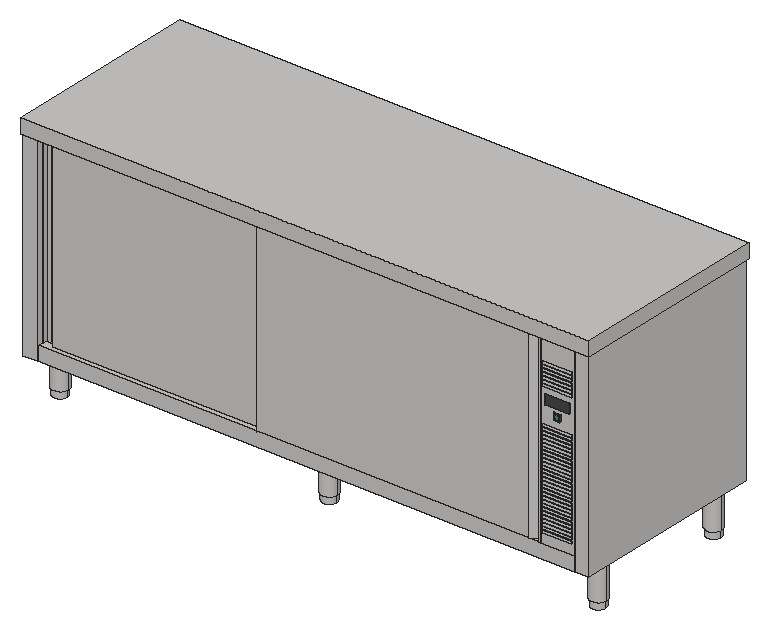
Revit family "QF_ZANUSSI_132875_MSR2007N", category Attrezzature speciali, Revit 2020
Family settings
  Quota connettore circolare = Usa diametro
  Tipo di parte = Normale
  Basato su piano di lavoro = No
  Sempre verticale = Sì
  Taglio con vuoti quando caricato = No
  Condiviso = No
  Punto di calcolo locali = No
Parameters (values of type "Standard")
  Weight = 75.00 kg
  Watts = 2400 W
  Volts = 220 V
  URL Manufacturer = "http://www.zanussiprofessional.com"
  URL = "http://www.zanussiprofessional.com"
  Steam Supply Size = 0 mm
  Steam Supply Minimum Pressure = 0.0 Pa
  Steam Supply Maximum Pressure = 0.0 Pa
  Steam Consumption per Hour = 0
  Refrigeration Suction Line Size = 0.0 mm
  Refrigeration Liquid Line Size = 0.0 mm
  Refrigerant Compressor Remote = yes
  Prospetto di default = 0.0 mm
  Produttore = "Zanussi"
  Phase = 1
  Modello = "MSR2007N"
  Length Actual = 2000.0 mm  # constant formula
  Item Number = "132875"
  Hot Water Size = 0 mm
  Height Actual = 900.0 mm  # constant formula
  HP = "3.2 HP"
  Gas Size = 0 mm
  Gas KW = 0
  Gas Input Pressure = 0 W
  Direct Waste Size = 0 mm
  Descrizione = "HOT CUPBOARD 2000MM"
  Depth Actual = 700.0 mm  # constant formula
  Cycle = 50 Hz
  Condensate Return Size = 0 mm
  Compressed Air Volume = 0.0 L/s
  Compressed Air Size = 0 mm
  Compressed Air Pressure = 0.0 Pa
  Cold Water Size = 0 mm
  Accessory = yes
Reference planes
  plane 1 "Center (Front/Back)": y = 0
  plane 2: z = 0
  plane 3 "Center (Left/Right)": x = -500
  plane 4 "LEFT": x = -1500
  plane 5 "RIGHT": x = 500
  plane 6 "BACK": y = 350
  plane 7 "FRONT": y = -350
  plane 8 "Base": z = 850
  plane 9 "TOP": z = 900
  plane 10: x = -1446.5
  plane 11: x = 446.5
  plane 12: y = 264.5
  plane 13: y = -241.5
  plane 14 "BodyLeft": x = -1494.5
  plane 15 "BodyFront": y = -344.5
  plane 16 "BodyRight": x = 494.5
  plane 17 "BodyBack": y = 344.5
  plane 18 "FEET": z = 150
  plane 19: x = 324.5
  plane 20: x = -561
  plane 21: x = 444.5
  plane 22 "EIx": x = 400
  plane 23 "EIy": y = -170
Forms (mm)
  Extrusion 1, solid, material "QF_Finishes_Stainless Steel"
    sketch origin (-500, 0, 0) x (0, 1, 0) y (0, 0, 1)
      loop
        line (-350, 850) -> (350, 850) -> (350, 900) -> (-350, 900) -> (-350, 850)
    from 1000 to -1000
  Extrusion 2, solid, material "QF_Finishes_Stainless Steel"
    sketch origin (0, 0, 150) x (-1, 0, 0) y (0, -1, 0)
      loop
        line (1494.5, -344.5) -> (1494.5, 344.5) -> (1444.5, 344.5) -> (1444.5, -344.5) -> (1494.5, -344.5)
      loop
        line (-444.5, -344.5) -> (-444.5, 344.5) -> (-494.5, 344.5) -> (-494.5, -344.5) -> (-444.5, -344.5)
    from 0 to 700
  Extrusion 3, solid, material "QF_Finishes_Stainless Steel"
    sketch origin (0, 0, 150) x (-1, 0, 0) y (0, -1, 0)
      loop
        line (1444.5, -344.5) -> (1444.5, 344.5) -> (-444.5, 344.5) -> (-444.5, -344.5) -> (1444.5, -344.5)
    from 0 to 50
  Extrusion 4, solid, material "QF_Finishes_Stainless Steel"
    sketch origin (-1, 0, 150) x (-1, 0, 0) y (0, -1, 0)
      loop
        line (-325.5, 344.5) -> (-325.5, 324.5) -> (670.5, 324.5) -> (670.5, 344.5) -> (-285.5, 344.5) -> (-305.5, 329.5) -> (-320.5, 329.5) -> (-320.5, 344.5) -> (-325.5, 344.5)
    from 50 to 700
  Extrusion 5, solid, material "QF_Finishes_Stainless Steel"
    sketch origin (1, 20, 150) x (1, 0, 0) y (0, 1, 0)
      loop
        line (-1445.5, -344.5) -> (-1440.5, -344.5) -> (-1440.5, -329.5) -> (-1425.5, -329.5) -> (-1405.5, -344.5) -> (-451.5, -344.5) -> (-451.5, -324.5) -> (-1445.5, -324.5) -> (-1445.5, -344.5)
    from 50 to 700
  Extrusion 6, solid, material "QF_Finishes_Stainless Steel"
    sketch origin (0, 0, 0) x (1, 0, 0) y (0, 1, 0)
      loop
        line (-1444.5, -304.5) -> (324.5, -304.5) -> (324.5, 324.5) -> (-1444.5, 324.5) -> (-1444.5, -304.5)
    from 500 to 540
  Extrusion 7, solid, material "QF_Finishes_Stainless Steel"
    sketch origin (0, 0, 0) x (1, 0, 0) y (0, 1, 0)
      loop
        line (444.5, 344.5) -> (-1444.5, 344.5) -> (-1444.5, 324.5) -> (444.5, 324.5) -> (444.5, 344.5)
    from 200 to 850
  Extrusion 8, solid, material "QF_Finishes_Stainless Steel"
    sketch origin (0, 0, 150) x (-1, 0, 0) y (0, -1, 0)
      loop
        circle (-400, 170) r 10
    from 0 to -5
Cuts and joins
  joined: Extrusion 3, Extrusion 7
Lines and regions (mm)
  symbolic lines
    curve 1: line (500, 350, 900) -> (-1500, 350, 900)
    curve 2: line (-1500, 350, 900) -> (-1500, -350, 900)
    curve 3: line (-1500, -350, 900) -> (500, -350, 900)
    curve 4: line (500, -350, 900) -> (500, 350, 900)
  symbolic lines, style "SpecialityEquipmentHiddenLines"
    curve 5: line (-1494.5, 344.5, 150) -> (494.5, 344.5, 150)
    curve 6: line (-1494.5, -344.5, 150) -> (-1494.5, 344.5, 150)
    curve 7: line (494.5, -344.5, 150) -> (-1494.5, -344.5, 150)
    curve 8: line (494.5, 344.5, 150) -> (494.5, -344.5, 150)
    curve 9: line (-1445.5, -304.5, 150) -> (-449.5, -304.5, 150)
    curve 10: line (-449.5, -304.5, 150) -> (-449.5, -324.5, 150)
    curve 11: line (-1445.5, -324.5, 150) -> (324.5, -324.5, 150)
    curve 12: line (324.5, -324.5, 150) -> (324.5, -344.5, 150)
    curve 13: line (-1445.5, -304.5, 150) -> (-1445.5, -324.5, 150)
    curve 14: line (-671.5, -344.5, 0) -> (-671.5, -324.5, 0)
Dimensions and locks
  plane 4 "LEFT" to plane 5 "RIGHT" = 2000.0 mm
  equal spacing: plane 4 "LEFT", plane 3 "Center (Left/Right)", plane 5 "RIGHT"
  locked: plane 8 "Base" to level at 850
  plane 9 "TOP" to level = 900.0 mm
  plane 6 "BACK" to plane 7 "FRONT" = 700.0 mm
  equal spacing: plane 6 "BACK", plane 1 "Center (Front/Back)", plane 7 "FRONT"
  locked: plane 4 "LEFT" to plane 14 "BodyLeft" at 5.5
  locked: plane 16 "BodyRight" to plane 5 "RIGHT" at 5.5
  locked: plane 15 "BodyFront" to plane 7 "FRONT" at 5.5
  locked: plane 6 "BACK" to plane 17 "BodyBack" at 5.5
  locked: plane 14 "BodyLeft" to plane 10 at 48
  locked: plane 11 to plane 16 "BodyRight" at 48
  locked: plane 13 to plane 15 "BodyFront" at 103
  locked: plane 17 "BodyBack" to plane 12 at 80
  plane 10 to plane 11 = 1893.0 mm
  plane 12 to plane 13 = 506.0 mm
  locked: plane 14 "BodyLeft" to Extrusion 2 sketch curve at 50
  locked: Extrusion 2 sketch curve to Extrusion 2 sketch curve at 50
  equal spacing: plane 10, plane 20, plane 19
  locked: plane 21 to plane 16 "BodyRight" at 50
  locked: plane 19 to plane 21 at 120
  locked: Extrusion 4 sketch curve to plane 20 at 110.5
  locked: plane 20 to Extrusion 5 sketch curve at 110.5
  locked: plane 18 "FEET" to level at 150
  locked: plane 22 "EIx" to plane 5 "RIGHT" at 100
  plane 23 "EIy" to plane 7 "FRONT" = 180.0 mm
  aligned and locked: level to plane 2
  aligned and locked: plane 10 to nested 1
  aligned and locked: nested 1 to plane 13
  aligned and locked: plane 11 to nested 2
  aligned and locked: nested 2 to plane 13
  aligned and locked: plane 11 to nested 4
  aligned and locked: nested 4 to plane 12
  aligned and locked: plane 10 to nested 3
  aligned and locked: nested 3 to plane 12
  aligned and locked: Extrusion 1 to plane 4 "LEFT"
  aligned and locked: plane 5 "RIGHT" to Extrusion 1
  aligned and locked: curve 2 to plane 4 "LEFT"
  aligned and locked: plane 17 "BodyBack" to Extrusion 2 sketch curve
  aligned and locked: Extrusion 2 sketch curve to plane 15 "BodyFront"
  aligned and locked: Extrusion 2 sketch curve to plane 14 "BodyLeft"
  aligned and locked: plane 16 "BodyRight" to Extrusion 2 sketch curve
  aligned and locked: Extrusion 2 sketch curve to plane 17 "BodyBack"
  aligned and locked: plane 15 "BodyFront" to Extrusion 2 sketch curve
  aligned and locked: Extrusion 3 sketch curve to plane 17 "BodyBack"
  aligned and locked: plane 15 "BodyFront" to Extrusion 3 sketch curve
  aligned and locked: plane 8 "Base" to Extrusion 2
  aligned and locked: plane 8 "Base" to Extrusion 4
  aligned and locked: Extrusion 4 to Extrusion 3
  aligned and locked: Extrusion 1 to plane 8 "Base"
  aligned and locked: plane 9 "TOP" to Extrusion 1
  aligned and locked: curve 5 to plane 17 "BodyBack"
  aligned and locked: plane 14 "BodyLeft" to curve 6
  aligned and locked: plane 15 "BodyFront" to curve 7
  aligned and locked: plane 16 "BodyRight" to curve 8
  aligned and locked: Extrusion 3 to Extrusion 2  (x2)
  aligned and locked: Extrusion 6 sketch curve to Extrusion 2
  aligned and locked: Extrusion 6 sketch curve to Extrusion 5
  aligned and locked: nested 5 to plane 21
  aligned and locked: Extrusion 7 sketch curve to Extrusion 2
  aligned and locked: Extrusion 6 sketch curve to plane 19
  aligned and locked: plane 3 "Center (Left/Right)" to nested 6
  aligned and locked: plane 3 "Center (Left/Right)" to nested 7
Automatic sketch dimensions
  curve 14 to plane 15 "BodyFront" = 0.0 mm
  plane 15 "BodyFront" to curve 14 = 20.0 mm
  curve 14 to plane 20 = 110.5 mm
  curve 3 to plane 7 "FRONT" = 0.0 mm
  curve 4 to plane 6 "BACK" = 0.0 mm
  Extrusion 1 sketch curve to plane 7 "FRONT" = 0.0 mm
  Extrusion 1 sketch curve to plane 6 "BACK" = 0.0 mm
  Extrusion 1 sketch curve to plane 8 "Base" = 0.0 mm
  Extrusion 1 sketch curve to plane 9 "TOP" = 0.0 mm
  Extrusion 3 sketch curve to plane 21 = 0.0 mm
  plane 10 to Extrusion 3 sketch curve = 2.0 mm
  Extrusion 4 sketch curve to plane 19 = 0.0 mm
  Extrusion 4 sketch curve to plane 15 "BodyFront" = 0.0 mm  (x2)
  Extrusion 4 sketch curve to Extrusion 4 sketch curve = 5.0 mm
  Extrusion 4 sketch curve to Extrusion 4 sketch curve = 15.0 mm  (x2)
  Extrusion 4 sketch curve to Extrusion 4 sketch curve = 20.0 mm  (x2)
  Extrusion 5 sketch curve to plane 15 "BodyFront" = 20.0 mm  (x2)
  Extrusion 5 sketch curve to plane 10 = 42.0 mm
  Extrusion 5 sketch curve to plane 10 = 22.0 mm
  Extrusion 5 sketch curve to plane 10 = 7.0 mm
  Extrusion 5 sketch curve to plane 10 = 2.0 mm
  Extrusion 5 sketch curve to Extrusion 5 sketch curve = 15.0 mm
  Extrusion 5 sketch curve to Extrusion 5 sketch curve = 20.0 mm
  plane 21 to curve 12 = 120.0 mm
  curve 7 to plane 15 "BodyFront" = 0.0 mm
  plane 3 "Center (Left/Right)" to curve 9 = 50.5 mm
  plane 10 to curve 11 = 1.0 mm
  plane 15 "BodyFront" to curve 9 = 40.0 mm
  curve 11 to curve 12 = 20.0 mm
  plane 12 to Extrusion 6 sketch curve = 60.0 mm
  Extrusion 7 sketch curve to plane 17 "BodyBack" = 0.0 mm
  Extrusion 7 sketch curve to plane 21 = 0.0 mm
  Extrusion 7 sketch curve to plane 17 "BodyBack" = 20.0 mm
  curve 4 to plane 5 "RIGHT" = 0.0 mm
  Extrusion 8 sketch curve to plane 22 "EIx" = 0.0 mm
  Extrusion 8 sketch curve to plane 23 "EIy" = 0.0 mm
  radius of Extrusion 8 sketch curve = 10.0 mm
Nested families
  nested 1: "FEET_D58-150" at (-1446.5, -241.5, 0), type "FEET_D58-150"
  nested 2: "FEET_D58-150" at (446.5, -241.5, 0), type "FEET_D58-150"
  nested 3: "FEET_D58-150" at (-1446.5, 264.5, 0), type "FEET_D58-150"
  nested 4: "FEET_D58-150" at (446.5, 264.5, 0), type "FEET_D58-150"
  nested 5: "WT_PNL120x650" at (531.42, -304.5, 600) x (1, 0, 0) z (0, -1, 0), type "WT_PNL120x650"
    with Show Logo yes
  nested 6: "FEET_D58-150" at (-500, -241.5, 0), type "FEET_D58-150"
  nested 7: "FEET_D58-150" at (-500, 264.5, 0), type "FEET_D58-150"
Connectors
  electrical at (400, -170, 145)
    settings: on Extrusion 8, index 1, voltage 0 V, apparent load 0 VA, apparent load phase1 0 VA, apparent load phase2 0 VA, apparent load phase3 0 VA, power factor 1, load classification "Other", number of poles 1, system type 30, power factor state 1, is connector primary yes, connector utility no, sub classification motor no, connector description "Electrical connection"
Definition of nested family "FEET_D58-150"
  Parameters
    Default Elevation = 0.0 mm
    FEET = 150.0 mm
  Reference planes
    plane 1 "Center (Front/Back)": y = 0
    plane 2: z = 0
    plane 3 "Center (Left/Right)": x = 0
    plane 4: z = 150
  Forms (mm)
    Extrusion 1, solid
      sketch origin (0, 0, 0) x (1, 0, 0) y (0, 1, 0)
        loop
          circle (0, 0) r 25
      from 0 to 25
    Extrusion 2, solid
      sketch origin (0, 0, 0) x (1, 0, 0) y (0, 1, 0)
        loop
          circle (0.061, 0) r 29
      from 25 to 150 <- "FEET"
  Lines and regions (mm)
    symbolic lines
      curve 1: line (0, -1.503, 0) -> (0, 1.508, 0)
      curve 2: line (1.561, 0, 0) -> (-1.439, 0, 0)
  Dimensions and locks
    "FEET": plane 4 to plane 2
    aligned and locked: level to plane 2
  Automatic sketch dimensions
    plane 1 "Center (Front/Back)" to Extrusion 1 sketch curve = 0.0 mm
    Extrusion 1 sketch curve to plane 3 "Center (Left/Right)" = 0.0 mm
    plane 1 "Center (Front/Back)" to curve 2 = 0.0 mm
    curve 1 to plane 3 "Center (Left/Right)" = 0.0 mm
    curve 2 to plane 3 "Center (Left/Right)" = 1.439 mm
    plane 3 "Center (Left/Right)" to curve 2 = 1.561 mm
    plane 1 "Center (Front/Back)" to curve 1 = 1.503 mm
    curve 1 to plane 1 "Center (Front/Back)" = 1.508 mm
    plane 1 "Center (Front/Back)" to Extrusion 2 sketch curve = 0.0 mm
    plane 3 "Center (Left/Right)" to Extrusion 2 sketch curve = 0.061 mm
    radius of Extrusion 1 sketch curve = 25.0 mm
    radius of Extrusion 2 sketch curve = 29.0 mm
Definition of nested family "WT_PNL120x650"
  Parameters
    Show Logo [instance] = yes
    Default Elevation = 1219.2 mm
  Reference planes
    plane 1 "Center (Front/Back)": y = -75
    plane 2: z = 0
    plane 3 "Center (Left/Right)": x = -146.92
    plane 4: x = -206.92
    plane 5: x = -86.92
    plane 6: y = 250
    plane 7: y = -400
    plane 8 "TOP": z = 40
  Forms (mm)
    Extrusion 1, solid
      sketch origin (0, 0, 0) x (1, 0, 0) y (0, 1, 0)
        loop
          line (-1219.2, 1219.2) -> (-1219.2, -1219.2) -> (1219.2, -1219.2) -> (1219.2, 1219.2) -> (-1219.2, 1219.2)
      from 0 to -304.8
    Extrusion 2, solid
      sketch origin (0, 0, 0) x (1, 0, 0) y (0, 1, 0)
        loop
          line (-206.92, 250) -> (-206.92, -400) -> (-86.92, -400) -> (-86.92, 250) -> (-206.92, 250)
      from 0 to 40
    Extrusion 3, void
      sketch origin (0, 0, 40) x (-1, 0, 0) y (0, -1, 0)
        loop
          arc (101.92, -68.899) -> (103.795, -73.256) -> (108.247, -74.89) r 6
          line (108.247, -74.89) -> (185.92, -74.89)
          arc (185.92, -74.89) -> (190.163, -73.133) -> (191.92, -68.89) r 6
          line (191.92, -68.89) -> (191.92, -45.89)
          arc (191.92, -45.89) -> (190.163, -41.648) -> (185.92, -39.89) r 6
          line (185.92, -39.89) -> (107.92, -39.89)
          arc (107.92, -39.89) -> (103.677, -41.648) -> (101.92, -45.89) r 6
          line (101.92, -45.89) -> (101.92, -68.899)
        loop
          line (158.92, -27.89) -> (158.92, -2.89) -> (134.92, -2.89) -> (134.92, -27.89) -> (158.92, -27.89)
      from -2 to 0
    Extrusion 4, solid
      sketch origin (0, 0, 40) x (-1, 0, 0) y (0, -1, 0)
        loop
          line (185.92, -39.89) -> (107.92, -39.89)
          arc (107.92, -39.89) -> (103.677, -41.648) -> (101.92, -45.89) r 6
          line (101.92, -45.89) -> (101.92, -68.899)
          arc (101.92, -68.899) -> (103.795, -73.256) -> (108.247, -74.89) r 6
          line (108.247, -74.89) -> (185.92, -74.89)
          arc (185.92, -74.89) -> (190.163, -73.133) -> (191.92, -68.89) r 6
          line (191.92, -68.89) -> (191.92, -45.89)
          arc (191.92, -45.89) -> (190.163, -41.648) -> (185.92, -39.89) r 6
      from -2 to 1
    Extrusion 5, solid
      sketch origin (-146.92, 0, 0) x (0, 1, 0) y (0, 0, 1)
        loop
          line (95.896, 40) -> (104.899, 40) -> (95.896, 41.206) -> (95.896, 40)
        loop
          line (107.896, 40) -> (116.899, 40) -> (107.896, 41.206) -> (107.896, 40)
        loop
          line (119.896, 40) -> (128.899, 40) -> (119.896, 41.206) -> (119.896, 40)
        loop
          line (131.896, 40) -> (140.899, 40) -> (131.896, 41.206) -> (131.896, 40)
        loop
          line (143.896, 40) -> (152.899, 40) -> (143.896, 41.206) -> (143.896, 40)
        loop
          line (155.896, 40) -> (164.899, 40) -> (155.896, 41.206) -> (155.896, 40)
        loop
          line (167.896, 40) -> (176.899, 40) -> (167.896, 41.206) -> (167.896, 40)
        loop
          line (-102.104, 40) -> (-93.101, 40) -> (-102.104, 41.206) -> (-102.104, 40)
        loop
          line (-90.104, 40) -> (-81.101, 40) -> (-90.104, 41.206) -> (-90.104, 40)
        loop
          line (-78.104, 40) -> (-69.101, 40) -> (-78.104, 41.206) -> (-78.104, 40)
        loop
          line (-66.104, 40) -> (-57.101, 40) -> (-66.104, 41.206) -> (-66.104, 40)
        loop
          line (-54.104, 40) -> (-45.101, 40) -> (-54.104, 41.206) -> (-54.104, 40)
        loop
          line (-42.104, 40) -> (-33.101, 40) -> (-42.104, 41.206) -> (-42.104, 40)
        loop
          line (-30.104, 40) -> (-21.101, 40) -> (-30.104, 41.206) -> (-30.104, 40)
        loop
          line (-174.104, 40) -> (-165.101, 40) -> (-174.104, 41.206) -> (-174.104, 40)
        loop
          line (-162.104, 40) -> (-153.101, 40) -> (-162.104, 41.206) -> (-162.104, 40)
        loop
          line (-150.104, 40) -> (-141.101, 40) -> (-150.104, 41.206) -> (-150.104, 40)
        loop
          line (-138.104, 40) -> (-129.101, 40) -> (-138.104, 41.206) -> (-138.104, 40)
        loop
          line (-126.104, 40) -> (-117.101, 40) -> (-126.104, 41.206) -> (-126.104, 40)
        loop
          line (-114.104, 40) -> (-105.101, 40) -> (-114.104, 41.206) -> (-114.104, 40)
        loop
          line (-246.104, 40) -> (-237.101, 40) -> (-246.104, 41.206) -> (-246.104, 40)
        loop
          line (-234.104, 40) -> (-225.101, 40) -> (-234.104, 41.206) -> (-234.104, 40)
        loop
          line (-222.104, 40) -> (-213.101, 40) -> (-222.104, 41.206) -> (-222.104, 40)
        loop
          line (-210.104, 40) -> (-201.101, 40) -> (-210.104, 41.206) -> (-210.104, 40)
        loop
          line (-198.104, 40) -> (-189.101, 40) -> (-198.104, 41.206) -> (-198.104, 40)
        loop
          line (-186.104, 40) -> (-177.101, 40) -> (-186.104, 41.206) -> (-186.104, 40)
        loop
          line (-318.104, 40) -> (-309.101, 40) -> (-318.104, 41.206) -> (-318.104, 40)
        loop
          line (-306.104, 40) -> (-297.101, 40) -> (-306.104, 41.206) -> (-306.104, 40)
        loop
          line (-294.104, 40) -> (-285.101, 40) -> (-294.104, 41.206) -> (-294.104, 40)
        loop
          line (-282.104, 40) -> (-273.101, 40) -> (-282.104, 41.206) -> (-282.104, 40)
        loop
          line (-270.104, 40) -> (-261.101, 40) -> (-270.104, 41.206) -> (-270.104, 40)
        loop
          line (-258.104, 40) -> (-249.101, 40) -> (-258.104, 41.206) -> (-258.104, 40)
        loop
          line (-366.104, 40) -> (-357.101, 40) -> (-366.104, 41.206) -> (-366.104, 40)
        loop
          line (-354.104, 40) -> (-345.101, 40) -> (-354.104, 41.206) -> (-354.104, 40)
        loop
          line (-342.104, 40) -> (-333.101, 40) -> (-342.104, 41.206) -> (-342.104, 40)
        loop
          line (-330.104, 40) -> (-321.101, 40) -> (-330.104, 41.206) -> (-330.104, 40)
      from -50 to 50
    Extrusion 6, solid
      sketch origin (0, 0, 40) x (-1, 0, 0) y (0, -1, 0)
        loop
          line (134.92, -27.89) -> (158.92, -27.89) -> (158.92, -2.89) -> (134.92, -2.89) -> (134.92, -27.89)
        loop
          circle (146.92, -15.39) r 9
      from -2 to 3
    Extrusion 7, solid
      sketch origin (0, 0, 40) x (-1, 0, 0) y (0, -1, 0)
        loop
          circle (146.92, -15.39) r 9
      from 0 to 3
  Cuts and joins
    Extrusion 3 cuts Extrusion 2
  Dimensions and locks
    equal spacing: plane 6, plane 1 "Center (Front/Back)", plane 7
    equal spacing: plane 4, plane 3 "Center (Left/Right)", plane 5
    plane 8 "TOP" to level = 40.0 mm
    aligned and locked: plane 2 to Extrusion 1
    aligned and locked: level to Extrusion 1
  Automatic sketch dimensions
    Extrusion 1 sketch curve to Extrusion 1 sketch curve = 2438.4 mm  (x2)
    Extrusion 2 sketch curve to plane 4 = 0.0 mm
    Extrusion 2 sketch curve to plane 5 = 0.0 mm
    Extrusion 2 sketch curve to plane 7 = 0.0 mm
    Extrusion 2 sketch curve to plane 6 = 0.0 mm
    Extrusion 5 sketch curve to plane 8 "TOP" = 0.0 mm  (x36)
    Extrusion 5 sketch curve to Extrusion 5 sketch curve = 9.003 mm  (x35)
    plane 8 "TOP" to Extrusion 5 sketch curve = 1.206 mm  (x22)
    Extrusion 5 sketch curve to Extrusion 5 sketch curve = 2.997 mm  (x33)
    plane 1 "Center (Front/Back)" to Extrusion 5 sketch curve = 6.101 mm
    plane 1 "Center (Front/Back)" to Extrusion 5 sketch curve = 3.104 mm
    Extrusion 5 sketch curve to plane 1 "Center (Front/Back)" = 5.899 mm
    Extrusion 5 sketch curve to Extrusion 5 sketch curve = 116.997 mm
    Extrusion 5 sketch curve to Extrusion 5 sketch curve = 1.206 mm  (x14)
    Extrusion 4 sketch curve to plane 5 = 15.0 mm
    Extrusion 4 sketch curve to Extrusion 4 sketch curve = 6.0 mm  (x3)
    Extrusion 4 sketch curve to Extrusion 4 sketch curve = 0.327 mm
    plane 4 to Extrusion 4 sketch curve = 21.0 mm  (x2)
    Extrusion 4 sketch curve to plane 1 "Center (Front/Back)" = 149.89 mm
    Extrusion 4 sketch curve to Extrusion 4 sketch curve = 23.009 mm
    Extrusion 3 sketch curve to plane 5 = 15.0 mm
    Extrusion 3 sketch curve to Extrusion 3 sketch curve = 6.0 mm  (x3)
    Extrusion 3 sketch curve to Extrusion 3 sketch curve = 0.327 mm
    plane 3 "Center (Left/Right)" to Extrusion 3 sketch curve = 12.0 mm
    Extrusion 3 sketch curve to plane 3 "Center (Left/Right)" = 12.0 mm
    plane 4 to Extrusion 3 sketch curve = 21.0 mm  (x2)
    Extrusion 3 sketch curve to plane 1 "Center (Front/Back)" = 149.89 mm
    Extrusion 3 sketch curve to Extrusion 3 sketch curve = 23.0 mm
    Extrusion 3 sketch curve to Extrusion 3 sketch curve = 12.0 mm
    Extrusion 3 sketch curve to Extrusion 3 sketch curve = 25.0 mm
    Extrusion 6 sketch curve to plane 3 "Center (Left/Right)" = 0.0 mm
    plane 3 "Center (Left/Right)" to Extrusion 6 sketch curve = 12.0 mm
    Extrusion 6 sketch curve to plane 3 "Center (Left/Right)" = 12.0 mm
    Extrusion 6 sketch curve to plane 1 "Center (Front/Back)" = 102.89 mm
    Extrusion 6 sketch curve to Extrusion 6 sketch curve = 12.5 mm  (x2)
    Extrusion 7 sketch curve to plane 3 "Center (Left/Right)" = 0.0 mm
    Extrusion 7 sketch curve to plane 1 "Center (Front/Back)" = 90.39 mm
    radius of Extrusion 6 sketch curve = 9.0 mm
    radius of Extrusion 7 sketch curve = 9.0 mm
